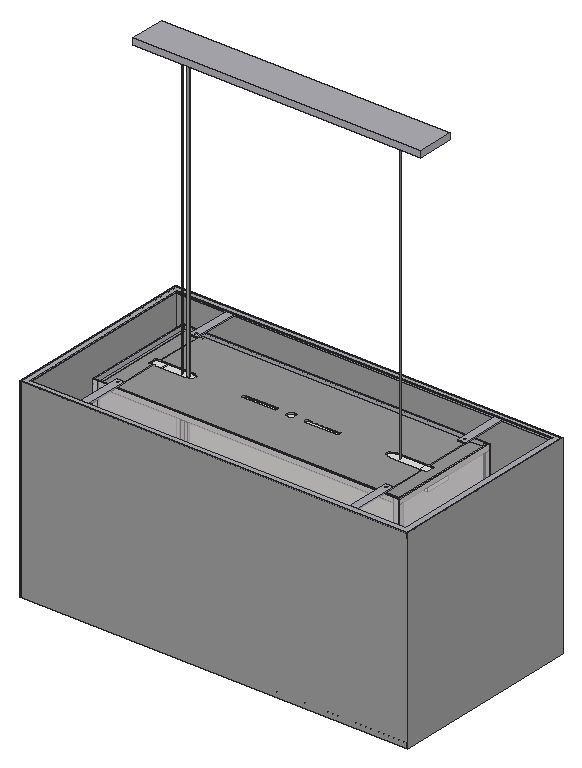
Revit family "Lighting - Lumetta - Pendant - P2097", category Lighting Fixtures, host Ceiling, Revit 2015
Parameters
  Wattage = 51.1977 W
  built-in parameter 1150110 = 1 (stored number, unit not read)
  URL = "https://lumetta.com/luminaires/shadow-box-48-pendant/"
  built-in parameter 1114217 = 3 (stored number, unit not read)
  Top Lens-Material [instance] = Acrylic - 2447 - White
  Top Lens [instance] = yes
  built-in parameter 1150109 = 1 (stored number, unit not read)
  built-in parameter 1150134 = (empty or 0)
  Suspension [instance] = 1
  built-in parameter 1150113 = 1 (stored number, unit not read)
  P2097 URL [instance] = "https://lumetta.com/luminaires/shadow-box-48-pendant/"
  Model = "P2097"  # constant formula
  Manufacturer = "Lumetta, Inc."  # constant formula
  Lumens = 7605 lm
  built-in parameter 1150115 = 1 (stored number, unit not read)
  built-in parameter 1150105 = 605.19 (stored number, unit not read)
  Light Source Symbol Size = 0' - 2"
  built-in parameter 1150137 = (empty or 0)
  built-in parameter 1150139 = (empty or 0)
  built-in parameter 1150112 = 1 (stored number, unit not read)
  built-in parameter 1150114 = 1 (stored number, unit not read)
  built-in parameter 1150132 = 2
  built-in parameter 1150102 = (empty or 0)
  built-in parameter 1150138 = (empty or 0)
  built-in parameter 1150107 = 3000 (stored number, unit not read)
  built-in parameter 1150106 = 6.0519 (stored number, unit not read)
  Frame Finish [instance] = Paint - Lumetta - F02 - PC_Chrome
  Fixture Drop [instance] = 3' - 0"
  Emit from Line Length = 2' - 10"
  built-in parameter 1150104 = 13.8 (stored number, unit not read)
  Dimming Lamp Color Temperature Shift = (empty or 0)
  Diffuser Material-Outer [instance] = Shade - Lumetta - D929 - Trans_Onyx
  Diffuser Material-Inner [instance] = Shade - Lumetta - D61 - MT_White
  Description = "Shadow Box Streamline 48'' Pendant"  # constant formula
  Coupling-Stems over 60 inches [instance] = and([2 Stems], Fixture Drop > 5' 0")  # no
  Cord Color [instance] = Cord, Black
  Cone Nut-STD-2-3Wire [instance] = Suspension = 1  # yes
  Color Filter = 16777215
  Bushing-LED-4Wire [instance] = Suspension = 2  # no
  Bottom Lens-Material [instance] = Acrylic - P95 - Etched White
  Bottom Lens [instance] = yes
  built-in parameter 1114218 = 1 (stored number, unit not read)
  built-in parameter 1150133 = 10 (stored number, unit not read)
  2 Stems [instance] = Suspension = 3  # no
  1CRD-2CBL-LED-4Wire [instance] = or(Suspension = 1, Suspension = 2)  # yes
  1 CRD-2CBL-STD [instance] = or(Suspension = 1, Suspension = 2)  # yes
Reference planes (in)
  plane 1 "Light Source Axis (F/B)": y = 0
  plane 2 "Ceiling": z = 99.76773
  plane 3 "Light Source Axis (L/R)": x = 0
  plane 4 "Light Source Elevation": z = 61.01773
  plane 5 "Inner Frame Top": z = 63.51773
  plane 6 "Inner Frame BTM": z = 47.51773
  plane 7 "Lamping Start": z = 63.01773
  plane 8 "Left Stem": x = -14.25
  plane 9 "Right Stem": x = 14.25
  plane 10 "Cord": x = -12.75
  plane 11 "Right XBar": x = 16.6875
  plane 12 "Left XBar": x = -16.6875
  plane 13 "Left Cable": x = -13.5
  plane 14 "Right Cable": x = 13.5
  plane 15 "Inner Frame Length-Left": x = -19
  plane 16 "Inner Frame Length-Right": x = 19
  plane 17 "Inner Frame Width-Left": y = 7
  plane 18 "Inner Frame Width-Right": y = -7
  plane 19 "Outer Frame Length-Left": x = -24
  plane 20 "Outer Frame Length-Right": x = 24
  plane 21 "Outer Frame Width-Left": y = 12
  plane 22 "Outer Frame Width-Right": y = -12
  plane 23 "Outer Frame Top": z = 63.76773
  plane 24 "Outer Frame BTM": z = 39.76773
Forms (in)
  Extrusion 1, solid, material "Paint - Lumetta - F02 - PC_Chrome" <- "Frame Finish"
    sketch origin (0, 0, 99.76773) x (1, 0, 0) y (0, 1, 0)
      loop
        line (-17.875, -2.25) -> (17.875, -2.25) -> (17.875, 2.25) -> (-17.875, 2.25) -> (-17.875, -2.25)
    from 0 to -0.75
  Extrusion 2, solid, material "Paint - Lumetta - F02 - PC_Chrome" <- "Frame Finish"
    sketch origin (0, 0, 63.51773) x (0, -1, 0) y (1, 0, 0)
      loop
        line (-7, -19) -> (7, -19) -> (7, 19) -> (-7, 19) -> (-7, -19)
      loop
        line (-6.5, -18.5) -> (6.5, -18.5) -> (6.5, 18.5) -> (-6.5, 18.5) -> (-6.5, -18.5)
    from 0 to -0.61824
  Extrusion 3, void
    sketch origin (0, 0, 63.51773) x (0, -1, 0) y (1, 0, 0)
      loop
        line (-6.875, -18.875) -> (6.875, -18.875) -> (6.875, 18.875) -> (-6.875, 18.875) -> (-6.875, -18.875)
      loop
        line (-6.5, -18.375) -> (6.5, -18.375) -> (6.5, 18.375) -> (-6.5, 18.375) -> (-6.5, -18.375)
    from 0 to -0.5
  Extrusion 4, solid, material "Paint - Lumetta - F02 - PC_Chrome" <- "Frame Finish"
    sketch origin (0, 0, 47.51773) x (-1, 0, 0) y (0, -1, 0)
      loop
        line (19, -7) -> (19, 7) -> (-19, 7) -> (-19, -7) -> (19, -7)
      loop
        line (18.5, -6.5) -> (18.5, 6.5) -> (-18.5, 6.5) -> (-18.5, -6.5) -> (18.5, -6.5)
    from 0.62296 to 0
  Extrusion 5, void
    sketch origin (0, 0, 47.51773) x (-1, 0, 0) y (0, -1, 0)
      loop
        line (18.875, -6.875) -> (18.875, 6.875) -> (-18.875, 6.875) -> (-18.875, -6.875) -> (18.875, -6.875)
      loop
        line (18.375, -6.5) -> (18.375, 6.5) -> (-18.5, 6.5) -> (-18.5, -6.5) -> (18.375, -6.5)
    from -0.59912 to 0.64163
  Extrusion 6, solid, material "Paint - Lumetta - F02 - PC_Chrome" <- "Frame Finish"
    sketch origin (0, 0, 36.01773) x (0, -1, 0) y (1, 0, 0)
      loop
        line (-7, 19) -> (-7, 18.375) -> (-6.875, 18.375) -> (-6.875, 18.875) -> (-6.375, 18.875) -> (-6.375, 19) -> (-7, 19)
      loop
        line (-7, -19) -> (-6.375, -19) -> (-6.375, -18.875) -> (-6.875, -18.875) -> (-6.875, -18.375) -> (-7, -18.375) -> (-7, -19)
      loop
        line (7, -19) -> (7, -18.375) -> (6.875, -18.375) -> (6.875, -18.875) -> (6.375, -18.875) -> (6.375, -19) -> (7, -19)
      loop
        line (7, 19) -> (6.375, 19) -> (6.375, 18.875) -> (6.875, 18.875) -> (6.875, 18.375) -> (7, 18.375) -> (7, 19)
    from 11.5 to 27.5
  Extrusion 7, solid, material "Paint - Lumetta - F02 - PC_Chrome" <- "Frame Finish"
    sketch origin (0, 0, 63.51773) x (0, -1, 0) y (1, 0, 0)
      loop
        line (-4.9375, -17.1875) -> (-4.9375, -16.1875) -> (-6.875, -16.1875) -> (-6.875, -17.1875) -> (-4.9375, -17.1875)
      loop
        circle (-5.125, -16.6875) r 0.10889
      loop
        line (4.9375, -17.1875) -> (6.875, -17.1875) -> (6.875, -16.1875) -> (4.9375, -16.1875) -> (4.9375, -17.1875)
      loop
        circle (5.125, -16.6875) r 0.10889
      loop
        line (-4.9375, 17.1875) -> (-6.875, 17.1875) -> (-6.875, 16.1875) -> (-4.9375, 16.1875) -> (-4.9375, 17.1875)
      loop
        circle (-5.125, 16.6875) r 0.10889
      loop
        line (4.9375, 17.1875) -> (4.9375, 16.1875) -> (6.875, 16.1875) -> (6.875, 17.1875) -> (4.9375, 17.1875)
      loop
        circle (5.125, 16.6875) r 0.10889
      loop
        circle (-6.125, -16.6875) r 0.10938
      loop
        circle (6.125, -16.6875) r 0.10938
      loop
        circle (-6.125, 16.6875) r 0.10938
      loop
        circle (6.125, 16.6875) r 0.10938
    from -0.61824 to -0.74408
  Extrusion 8, solid, material "Paint - Lumetta - F02 - PC_Chrome" <- "Frame Finish"
    sketch origin (0, 0, 99.76773) x (1, 0, 0) y (0, 1, 0)
      loop
        circle (-10, 0) r 0.31122
      loop
        circle (10, 0) r 0.31356
    from -0.8125 to -1.1875
  Extrusion 9, solid, material "Paint - Lumetta - F02 - PC_Chrome" <- "Frame Finish", visible <- "2 Stems"
    sketch origin (18, 0.5, 99.76773) x (1, 0, 0) y (0, 1, 0)
      loop
        line (-36, -2.875) -> (0, -2.875) -> (0, 1.875) -> (-36, 1.875) -> (-36, -2.875)
    from -0.8125 to -0.75
  Revolve 10, solid, material "Paint - Lumetta - F02 - PC_Chrome" <- "Frame Finish", visible <- "Cone Nut-STD-2-3Wire"
    sketch origin (0, 0, 0) x (1, 0, 0) y (0, 0, 1)
      loop
        line (-12.75, 98.95523) -> (-12.75, 98.45523) -> (-12.46878, 98.45523) -> (-12.37659, 98.95523) -> (-12.75, 98.95523)
      axis (-12.75, 98.45523) -> (-12.75, 98.95523)
    angle from 0 to 360
  Extrusion 11, solid, material "Paint - Lumetta - F11 - PC_White"
    sketch origin (0, 0, 24.01773) x (0, -1, 0) y (1, 0, 0)
      loop
        line (-5.375, -17.3125) -> (5.375, -17.3125) -> (5.375, -16.0625) -> (-5.375, -16.0625) -> (-5.375, -17.3125)
      loop
        circle (-5.125, -16.6875) r 0.10889
      loop
        line (-5.375, 17.3125) -> (-5.375, 16.0625) -> (5.375, 16.0625) -> (5.375, 17.3125) -> (-5.375, 17.3125)
      loop
        circle (-5.125, 16.6875) r 0.10889
      loop
        circle (5.125, 16.6875) r 0.10889
      loop
        circle (5.125, -16.6875) r 0.10889
    from 38.75592 to 38.63725
  Extrusion 12, solid, material "Paint - Lumetta - F11 - PC_White"
    sketch origin (0, 0, 63.01773) x (-1, 0, 0) y (0, -1, 0)
      loop
        line (18.1875, -1.54) -> (18.1875, 1.54) -> (-18.1875, 1.54) -> (-18.1875, -1.54) -> (18.1875, -1.54)
    from -0.36275 to -1.375
  Extrusion 13, solid, material "Cord, Black" <- "Cord Color", visible <- "1 CRD-2CBL-STD"
    sketch origin (0, 0, 99.76773) x (1, 0, 0) y (0, 1, 0)
      loop
        circle (-12.75, 0) r 0.1566
    from -0.75 to -36.75
  Extrusion 14, solid, material "Steel, Galvanized", visible <- "1 CRD-2CBL-STD"
    sketch origin (0, 0, 96.01773) x (1, 0, 0) y (0, 1, 0)
      loop
        circle (-13.5, 0) r 0.03252
      loop
        circle (13.5, 0) r 0.03265
    from 3 to -33
  Extrusion 15, solid, material "Paint - Lumetta - F02 - PC_Chrome" <- "Frame Finish", visible <- "2 Stems"
    sketch origin (0, 0, 99.76773) x (1, 0, 0) y (0, 1, 0)
      loop
        circle (-14.25, 0) r 0.25
      loop
        circle (14.25, 0) r 0.25
    from 0 to -36.75
  Revolve 16, solid, material "Paint - Lumetta - F02 - PC_Chrome" <- "Frame Finish", visible <- "Coupling-Stems over 60 inches"
    sketch origin (0, 0, 0) x (1, 0, 0) y (0, 0, 1)
      loop
        line (-14.25, 123.51773) -> (-13.95764, 123.51773)
        arc (-13.95764, 123.51773) -> (-13.90786, 123.5585) -> (-13.93801, 123.61534) r 0.05078
        arc (-13.93801, 123.61534) -> (-13.90686, 123.78335) -> (-13.93801, 123.95137) r 0.46875
        arc (-13.93801, 123.95137) -> (-13.90786, 124.00821) -> (-13.95764, 124.04898) r 0.05078
        line (-13.95764, 124.04898) -> (-14.25, 124.04898) -> (-14.25, 123.51773)
      axis (-14.25, 124.04898) -> (-14.25, 123.51773)
    angle from 0 to 360
  Revolve 17, solid, material "Paint - Lumetta - F02 - PC_Chrome" <- "Frame Finish", visible <- "Coupling-Stems over 60 inches"
    sketch origin (0, 0, 0) x (-1, 0, 0) y (0, 0, 1)
      loop
        line (-14.25, 123.51773) -> (-13.9562, 123.51773)
        arc (-13.9562, 123.51773) -> (-13.90642, 123.5585) -> (-13.93657, 123.61534) r 0.05078
        arc (-13.93657, 123.61534) -> (-13.90542, 123.78335) -> (-13.93657, 123.95137) r 0.46875
        arc (-13.93657, 123.95137) -> (-13.90642, 124.00821) -> (-13.9562, 124.04898) r 0.05078
        line (-13.9562, 124.04898) -> (-14.25, 124.04898) -> (-14.25, 123.51773)
      axis (-14.25, 124.04898) -> (-14.25, 123.51773)
    angle from 0 to 360
  Extrusion 18, solid, material "Paint - Lumetta - F02 - PC_Chrome" <- "Frame Finish", visible <- "Bushing-LED-4Wire"
    sketch origin (0, 0, 99.76773) x (1, 0, 0) y (0, 1, 0)
      loop
        circle (-12.75, 0) r 0.37341
      loop
        circle (-12.75, 0) r 0.25
    from -0.91406 to -0.8125
  Extrusion 19, solid, material "Shade - Lumetta - D61 - MT_White" <- "Diffuser Material-Inner"
    sketch origin (0, 0, 63.51773) x (0, -1, 0) y (1, 0, 0)
      loop
        line (-7, -19) -> (7, -19) -> (7, 19) -> (-7, 19) -> (-7, -19)
      loop
        line (7.0625, -19.0625) -> (7.0625, 19.0625) -> (-7.0625, 19.0625) -> (-7.0625, -19.0625) -> (7.0625, -19.0625)
    from -16 to 0
  Extrusion 20, solid, material "Acrylic - P95 - Etched White" <- "Bottom Lens-Material", visible <- "Bottom Lens"
    sketch origin (0, 0, 47.51773) x (-1, 0, 0) y (0, -1, 0)
      loop
        line (18.75, -6.75) -> (18.75, 6.75) -> (-18.75, 6.75) -> (-18.75, -6.75) -> (18.75, -6.75)
    from 0.11313 to 0.22451
  Extrusion 21, solid, material "Paint - Lumetta - F02 - PC_Chrome" <- "Frame Finish"
    sketch origin (0, 0, 63.76773) x (0, -1, 0) y (1, 0, 0)
      loop
        line (-12, -24) -> (12, -24) -> (12, 24) -> (-12, 24) -> (-12, -24)
      loop
        line (11.375, -23.375) -> (11.375, 23.375) -> (-11.375, 23.375) -> (-11.375, -23.375) -> (11.375, -23.375)
    from -0.63301 to 0
  Extrusion 22, solid, material "Paint - Lumetta - F02 - PC_Chrome" <- "Frame Finish"
    sketch origin (0, 0, 39.76773) x (0, -1, 0) y (1, 0, 0)
      loop
        line (-12, -24) -> (12, -24) -> (12, 24) -> (-12, 24) -> (-12, -24)
      loop
        line (-11.375, -23.375) -> (11.375, -23.375) -> (11.375, 23.375) -> (-11.375, 23.375) -> (-11.375, -23.375)
    from 0 to 0.62744
  Extrusion 23, void
    sketch origin (0, 0, 63.76773) x (0, -1, 0) y (1, 0, 0)
      loop
        line (-11.375, -23.375) -> (11.375, -23.375) -> (11.375, 23.375) -> (-11.375, 23.375) -> (-11.375, -23.375)
      loop
        line (11.875, -23.875) -> (11.875, 23.875) -> (-11.875, 23.875) -> (-11.875, -23.875) -> (11.875, -23.875)
    from -23.88963 to -0.11045
  Extrusion 24, solid, material "Shade - Lumetta - D929 - Trans_Onyx" <- "Diffuser Material-Outer"
    sketch origin (0, 0, 63.76773) x (0, -1, 0) y (1, 0, 0)
      loop
        line (-12, -24) -> (12, -24) -> (12, 24) -> (-12, 24) -> (-12, -24)
      loop
        line (-12.03125, -24.03125) -> (12.03125, -24.03125) -> (12.03125, 24.03125) -> (-12.03125, 24.03125) -> (-12.03125, -24.03125)
    from -24 to 0
  Extrusion 25, solid, material "Paint - Lumetta - F02 - PC_Chrome" <- "Frame Finish"
    sketch origin (0, 0, 63.51773) x (0, -1, 0) y (1, 0, 0)
      loop
        line (-11.875, -17.1875) -> (-5.625, -17.1875) -> (-5.625, -16.1875) -> (-11.875, -16.1875) -> (-11.875, -17.1875)
      loop
        circle (-6.125, -16.6875) r 0.10937
      loop
        line (-11.875, 17.1875) -> (-11.875, 16.1875) -> (-5.625, 16.1875) -> (-5.625, 17.1875) -> (-11.875, 17.1875)
      loop
        circle (-6.125, 16.6875) r 0.10937
      loop
        line (11.875, 17.1875) -> (5.625, 17.1875) -> (5.625, 16.1875) -> (11.875, 16.1875) -> (11.875, 17.1875)
      loop
        circle (6.125, 16.6875) r 0.10937
      loop
        line (11.875, -17.1875) -> (11.875, -16.1875) -> (5.625, -16.1875) -> (5.625, -17.1875) -> (11.875, -17.1875)
      loop
        circle (6.125, -16.6875) r 0.10937
    from -0.01154 to 0.10952
  Extrusion 26, solid, material "Acrylic - 2447 - White" <- "Top Lens-Material", visible <- "Top Lens"
    sketch origin (0, 0, 63.51773) x (0, -1, 0) y (1, 0, 0)
      loop
        line (0.4375, -17.25) -> (-0.4375, -17.25)
        arc (-0.4375, -17.25) -> (-0.52589, -17.21339) -> (-0.5625, -17.125) r 0.125
        line (-0.5625, -17.125) -> (-0.5625, -16.875)
        arc (-0.5625, -16.875) -> (-0.59911, -16.78661) -> (-0.6875, -16.75) r 0.125
        line (-0.6875, -16.75) -> (-6.35472, -16.75)
        arc (-6.35472, -16.75) -> (-6.42153, -16.76936) -> (-6.46765, -16.82143) r 0.125
        arc (-6.46765, -16.82143) -> (-6.55547, -16.93207) -> (-6.68304, -16.99274) r 0.3125
        arc (-6.68304, -16.99274) -> (-6.75365, -17.03649) -> (-6.78125, -17.11484) r 0.125
        line (-6.78125, -17.11484) -> (-6.78125, -18.575)
        arc (-6.78125, -18.575) -> (-6.72267, -18.71642) -> (-6.58125, -18.775) r 0.2
        line (-6.58125, -18.775) -> (6.58125, -18.775)
        arc (6.58125, -18.775) -> (6.72267, -18.71642) -> (6.78125, -18.575) r 0.2
        line (6.78125, -18.575) -> (6.78125, -17.11484)
        arc (6.78125, -17.11484) -> (6.75365, -17.03649) -> (6.68304, -16.99274) r 0.125
        arc (6.68304, -16.99274) -> (6.55547, -16.93207) -> (6.46765, -16.82143) r 0.3125
        arc (6.46765, -16.82143) -> (6.42153, -16.76936) -> (6.35472, -16.75) r 0.125
        line (6.35472, -16.75) -> (0.6875, -16.75)
        arc (0.6875, -16.75) -> (0.59911, -16.78661) -> (0.5625, -16.875) r 0.125
        line (0.5625, -16.875) -> (0.5625, -17.125)
        arc (0.5625, -17.125) -> (0.52589, -17.21339) -> (0.4375, -17.25) r 0.125
      loop
        circle (0, 0) r 0.5
      loop
        line (-0.25, 5.8125) -> (-0.25, 1.9375)
        arc (-0.25, 1.9375) -> (0, 1.6875) -> (0.25, 1.9375) r 0.25
        line (0.25, 1.9375) -> (0.25, 5.8125)
        arc (0.25, 5.8125) -> (0, 6.0625) -> (-0.25, 5.8125) r 0.25
      loop
        arc (-6.46765, 16.82143) -> (-6.42153, 16.76936) -> (-6.35472, 16.75) r 0.125
        line (-6.35472, 16.75) -> (-0.6875, 16.75)
        arc (-0.6875, 16.75) -> (-0.59911, 16.78661) -> (-0.5625, 16.875) r 0.125
        line (-0.5625, 16.875) -> (-0.5625, 17.125)
        arc (-0.5625, 17.125) -> (-0.52589, 17.21339) -> (-0.4375, 17.25) r 0.125
        line (-0.4375, 17.25) -> (0.4375, 17.25)
        arc (0.4375, 17.25) -> (0.52589, 17.21339) -> (0.5625, 17.125) r 0.125
        line (0.5625, 17.125) -> (0.5625, 16.875)
        arc (0.5625, 16.875) -> (0.59911, 16.78661) -> (0.6875, 16.75) r 0.125
        line (0.6875, 16.75) -> (6.35472, 16.75)
        arc (6.35472, 16.75) -> (6.42153, 16.76936) -> (6.46765, 16.82143) r 0.125
        arc (6.46765, 16.82143) -> (6.55547, 16.93207) -> (6.68304, 16.99274) r 0.3125
        arc (6.68304, 16.99274) -> (6.75365, 17.03649) -> (6.78125, 17.11484) r 0.125
        line (6.78125, 17.11484) -> (6.78125, 18.575)
        arc (6.78125, 18.575) -> (6.72267, 18.71642) -> (6.58125, 18.775) r 0.2
        line (6.58125, 18.775) -> (-6.58125, 18.775)
        arc (-6.58125, 18.775) -> (-6.72267, 18.71642) -> (-6.78125, 18.575) r 0.2
        line (-6.78125, 18.575) -> (-6.78125, 17.11484)
        arc (-6.78125, 17.11484) -> (-6.75365, 17.03649) -> (-6.68304, 16.99274) r 0.125
        arc (-6.68304, 16.99274) -> (-6.55547, 16.93207) -> (-6.46765, 16.82143) r 0.3125
      loop
        line (-0.49551, -12.42075) -> (-0.27063, -12.03125)
        arc (-0.27063, -12.03125) -> (0, -11.875) -> (0.27063, -12.03125) r 0.3125
        line (0.27063, -12.03125) -> (0.49551, -12.42075)
        arc (0.49551, -12.42075) -> (0.54546, -12.54134) -> (0.5625, -12.67075) r 0.5
        line (0.5625, -12.67075) -> (0.5625, -16.5)
        arc (0.5625, -16.5) -> (0.59911, -16.58839) -> (0.6875, -16.625) r 0.125
        line (0.6875, -16.625) -> (6.35472, -16.625)
        arc (6.35472, -16.625) -> (6.42153, -16.60564) -> (6.46765, -16.55357) r 0.125
        arc (6.46765, -16.55357) -> (6.55547, -16.44293) -> (6.68304, -16.38226) r 0.3125
        arc (6.68304, -16.38226) -> (6.75365, -16.33851) -> (6.78125, -16.26016) r 0.125
        line (6.78125, -16.26016) -> (6.78125, 16.26016)
        arc (6.78125, 16.26016) -> (6.75365, 16.33851) -> (6.68304, 16.38226) r 0.125
        arc (6.68304, 16.38226) -> (6.55547, 16.44293) -> (6.46765, 16.55357) r 0.3125
        arc (6.46765, 16.55357) -> (6.42153, 16.60564) -> (6.35472, 16.625) r 0.125
        line (6.35472, 16.625) -> (0.6875, 16.625)
        arc (0.6875, 16.625) -> (0.59911, 16.58839) -> (0.5625, 16.5) r 0.125
        line (0.5625, 16.5) -> (0.5625, 12.67075)
        arc (0.5625, 12.67075) -> (0.54546, 12.54134) -> (0.49551, 12.42075) r 0.5
        line (0.49551, 12.42075) -> (0.27063, 12.03125)
        arc (0.27063, 12.03125) -> (0, 11.875) -> (-0.27063, 12.03125) r 0.3125
        line (-0.27063, 12.03125) -> (-0.49551, 12.42075)
        arc (-0.49551, 12.42075) -> (-0.54546, 12.54134) -> (-0.5625, 12.67075) r 0.5
        line (-0.5625, 12.67075) -> (-0.5625, 16.5)
        arc (-0.5625, 16.5) -> (-0.59911, 16.58839) -> (-0.6875, 16.625) r 0.125
        line (-0.6875, 16.625) -> (-6.35472, 16.625)
        arc (-6.35472, 16.625) -> (-6.42153, 16.60564) -> (-6.46765, 16.55357) r 0.125
        arc (-6.46765, 16.55357) -> (-6.55547, 16.44293) -> (-6.68304, 16.38226) r 0.3125
        arc (-6.68304, 16.38226) -> (-6.75365, 16.33851) -> (-6.78125, 16.26016) r 0.125
        line (-6.78125, 16.26016) -> (-6.78125, -16.26016)
        arc (-6.78125, -16.26016) -> (-6.75365, -16.33851) -> (-6.68304, -16.38226) r 0.125
        arc (-6.68304, -16.38226) -> (-6.55547, -16.44293) -> (-6.46765, -16.55357) r 0.3125
        arc (-6.46765, -16.55357) -> (-6.42153, -16.60564) -> (-6.35472, -16.625) r 0.125
        line (-6.35472, -16.625) -> (-0.6875, -16.625)
        arc (-0.6875, -16.625) -> (-0.59911, -16.58839) -> (-0.5625, -16.5) r 0.125
        line (-0.5625, -16.5) -> (-0.5625, -12.67075)
        arc (-0.5625, -12.67075) -> (-0.54546, -12.54134) -> (-0.49551, -12.42075) r 0.5
      loop
        arc (-0.25, -5.8125) -> (0, -6.0625) -> (0.25, -5.8125) r 0.25
        line (0.25, -5.8125) -> (0.25, -1.9375)
        arc (0.25, -1.9375) -> (0, -1.6875) -> (-0.25, -1.9375) r 0.25
        line (-0.25, -1.9375) -> (-0.25, -5.8125)
    from -0.5 to -0.42419
  Revolve 27, solid, material "Paint - Lumetta - F02 - PC_Chrome" <- "Frame Finish", visible <- "2 Stems"
    sketch origin (0, 0, 0) x (1, 0, 0) y (0, 0, 1)
      loop
        line (-14.25, 99.43423) -> (-14.25, 98.74673) -> (-13.88452, 98.74673)
        arc (-13.88452, 98.74673) -> (-13.65804, 99.05321) -> (-13.65163, 99.43423) r 0.625
        line (-13.65163, 99.43423) -> (-14.25, 99.43423)
      axis (-14.25, 98.74673) -> (-14.25, 99.43423)
    angle from 0 to 360
  Revolve 28, solid, material "Paint - Lumetta - F02 - PC_Chrome" <- "Frame Finish", visible <- "2 Stems"
    sketch origin (0, 0, 0) x (-1, 0, 0) y (0, 0, 1)
      loop
        line (-14.25, 99.43423) -> (-14.25, 98.74673) -> (-13.88452, 98.74673)
        arc (-13.88452, 98.74673) -> (-13.65804, 99.05321) -> (-13.65163, 99.43423) r 0.625
        line (-13.65163, 99.43423) -> (-14.25, 99.43423)
      axis (-14.25, 98.74673) -> (-14.25, 99.43423)
    angle from 0 to 360
Cuts and joins
  Extrusion 3, Extrusion 5 cuts Extrusion 2
  Extrusion 5 cuts Extrusion 4
  Extrusion 23 cuts Extrusion 21
  Extrusion 23 cuts Extrusion 22
Dimensions and locks (in)
  equal spacing: host sketch curve, plane 3 "Light Source Axis (L/R)", host sketch curve
  equal spacing: host sketch curve, plane 1 "Light Source Axis (F/B)", host sketch curve
  host sketch curve to host sketch curve = 10' - 0"  (x2)
  locked: Extrusion 9 to Revolve 10 sketch curve at 0.5
  plane 1 "Light Source Axis (F/B)" to Extrusion 11 sketch curve = 0' - 5 3/8"
  Extrusion 11 sketch curve to Extrusion 11 sketch curve = 0' - 10 3/4"  (x2)
  locked: imposter light to Extrusion 12 sketch curve at 1.54
  locked: plane 1 "Light Source Axis (F/B)" to Extrusion 12 sketch curve at 1.54
  Revolve 16 sketch curve to level = 10' - 3.51773"
  locked: Revolve 16 sketch curve to Revolve 16 sketch curve at 0.53125
  locked: Revolve 16 sketch curve to Revolve 16 sketch curve at 0.26563
  locked: Revolve 16 sketch curve to Revolve 16 sketch curve at 0.05078  (x2)
  locked: Revolve 17 sketch curve to Revolve 17 sketch curve at 0.53125
  locked: Revolve 17 sketch curve to Revolve 17 sketch curve at 0.26563
  locked: Revolve 17 sketch curve to Revolve 17 sketch curve at 0.05078  (x2)
  locked: Extrusion 18 sketch curve to plane 3 "Light Source Axis (L/R)" at 12.75  (x2)
  locked: Revolve 17 sketch curve to plane 5 "Inner Frame Top" at 60
  locked: Revolve 16 sketch curve to plane 5 "Inner Frame Top" at 60
  locked: cut or joined group of Extrusion 2, Extrusion 3, Extrusion 5 to Extrusion 19 sketch curve at 0.0625
  equal spacing: Extrusion 14 sketch curve, plane 3 "Light Source Axis (L/R)", Extrusion 14 sketch curve
  plane 3 "Light Source Axis (L/R)" to Revolve 10 sketch curve = 1' - 0 3/4"
  equal spacing: Extrusion 8 sketch curve, plane 3 "Light Source Axis (L/R)", Extrusion 8 sketch curve
  Extrusion 8 sketch curve to Extrusion 8 sketch curve = 1' - 8"
  locked: Extrusion 13 sketch curve to plane 3 "Light Source Axis (L/R)" at 12.75
  plane 3 "Light Source Axis (L/R)" to Extrusion 15 sketch curve = 1' - 2 1/4"
  plane 3 "Light Source Axis (L/R)" to Revolve 17 sketch curve = 1' - 2 1/4"
  locked: Revolve 16 sketch curve to plane 8 "Left Stem" at 0  (x2)
  locked: Revolve 16 sketch curve to plane 8 "Left Stem" at 0.29236  (x2)
  locked: plane 8 "Left Stem" to Revolve 16 sketch curve at 0.12561
  locked: Revolve 17 sketch curve to plane 9 "Right Stem" at 0  (x2)
  locked: plane 9 "Right Stem" to Revolve 17 sketch curve at 0.2938  (x2)
  locked: Revolve 17 sketch curve to plane 9 "Right Stem" at 0.12417
  locked: plane 10 "Cord" to Revolve 10 sketch curve at 0
  Revolve 10 sketch curve to plane 10 "Cord" = 0' - 0"
  locked: Revolve 10 sketch curve to plane 10 "Cord" at 0.37341
  locked: Revolve 10 sketch curve to plane 10 "Cord" at 0.28122
  locked: plane 3 "Light Source Axis (L/R)" to plane 10 "Cord" at 12.75
  equal spacing: plane 12 "Left XBar", plane 3 "Light Source Axis (L/R)", plane 11 "Right XBar"
  locked: plane 12 "Left XBar" to plane 11 "Right XBar" at 33.375
  equal spacing: plane 13 "Left Cable", plane 3 "Light Source Axis (L/R)", plane 14 "Right Cable"
  locked: plane 13 "Left Cable" to plane 14 "Right Cable" at 27
  locked: Extrusion 14 sketch curve to plane 13 "Left Cable" at 0
  equal spacing: plane 8 "Left Stem", plane 3 "Light Source Axis (L/R)", plane 9 "Right Stem"
  locked: plane 8 "Left Stem" to plane 9 "Right Stem" at 28.5
  equal spacing: plane 15 "Inner Frame Length-Left", plane 3 "Light Source Axis (L/R)", plane 16 "Inner Frame Length-Right"
  locked: plane 15 "Inner Frame Length-Left" to plane 16 "Inner Frame Length-Right" at 38
  equal spacing: plane 17 "Inner Frame Width-Left", plane 1 "Light Source Axis (F/B)", plane 18 "Inner Frame Width-Right"
  locked: plane 17 "Inner Frame Width-Left" to plane 18 "Inner Frame Width-Right" at 14
  equal spacing: plane 19 "Outer Frame Length-Left", plane 3 "Light Source Axis (L/R)", plane 20 "Outer Frame Length-Right"
  equal spacing: plane 22 "Outer Frame Width-Right", plane 1 "Light Source Axis (F/B)", plane 21 "Outer Frame Width-Left"
  locked: plane 19 "Outer Frame Length-Left" to plane 20 "Outer Frame Length-Right" at 48
  locked: plane 21 "Outer Frame Width-Left" to plane 22 "Outer Frame Width-Right" at 24
  locked: Extrusion 6 sketch curve to plane 15 "Inner Frame Length-Left" at 0  (x2)
  locked: Extrusion 6 sketch curve to plane 17 "Inner Frame Width-Left" at 0  (x2)
  locked: Extrusion 6 sketch curve to plane 18 "Inner Frame Width-Right" at 0  (x2)
  locked: Extrusion 6 sketch curve to plane 16 "Inner Frame Length-Right" at 0  (x2)
  locked: Extrusion 6 sketch curve to plane 16 "Inner Frame Length-Right" at 0.625  (x2)
  locked: Extrusion 6 sketch curve to plane 17 "Inner Frame Width-Left" at 0.625
  locked: Extrusion 6 sketch curve to plane 18 "Inner Frame Width-Right" at 0.625
  locked: plane 15 "Inner Frame Length-Left" to Extrusion 6 sketch curve at 0.625  (x2)
  locked: plane 17 "Inner Frame Width-Left" to Extrusion 6 sketch curve at 0.625
  locked: plane 18 "Inner Frame Width-Right" to Extrusion 6 sketch curve at 0.625
  Extrusion 19 to plane 16 "Inner Frame Length-Right" = 0' - 0"
  locked: plane 16 "Inner Frame Length-Right" to Extrusion 2 sketch curve
  locked: Extrusion 2 sketch curve to plane 17 "Inner Frame Width-Left" at 0
  locked: Extrusion 2 sketch curve to plane 18 "Inner Frame Width-Right" at 0
  locked: plane 15 "Inner Frame Length-Left" to Extrusion 5 sketch curve at 0.125
  locked: Extrusion 5 sketch curve to Extrusion 5 sketch curve at 0.5
  locked: Extrusion 5 sketch curve to plane 16 "Inner Frame Length-Right" at 0.125
  locked: Extrusion 5 sketch curve to plane 16 "Inner Frame Length-Right" at 0.5
  locked: plane 15 "Inner Frame Length-Left" to Extrusion 2 sketch curve
  locked: Extrusion 2 sketch curve to Extrusion 2 sketch curve at 0.5
  locked: plane 15 "Inner Frame Length-Left" to Extrusion 3 sketch curve at 0.125
  locked: Extrusion 3 sketch curve to Extrusion 3 sketch curve at 0.5  (x2)
  locked: Extrusion 3 sketch curve to plane 16 "Inner Frame Length-Right" at 0.125
  locked: plane 15 "Inner Frame Length-Left" to Extrusion 4 sketch curve
  locked: Extrusion 4 sketch curve to Extrusion 4 sketch curve at 0.5  (x2)
  locked: Extrusion 4 sketch curve to plane 16 "Inner Frame Length-Right"
  locked: Extrusion 20 sketch curve to plane 16 "Inner Frame Length-Right" at 0.25
  locked: Extrusion 20 sketch curve to plane 17 "Inner Frame Width-Left" at 0.25
  locked: Extrusion 20 sketch curve to plane 18 "Inner Frame Width-Right" at 0.25
  locked: plane 15 "Inner Frame Length-Left" to Extrusion 20 sketch curve at 0.25
  locked: Extrusion 19 sketch curve to cut or joined group of Extrusion 2, Extrusion 3, Extrusion 5 at 0.0625  (x3)
  equal spacing: Extrusion 9 sketch curve, plane 1 "Light Source Axis (F/B)", Extrusion 9 sketch curve
  equal spacing: Extrusion 9 sketch curve, plane 3 "Light Source Axis (L/R)", Extrusion 9 sketch curve
  locked: Extrusion 9 sketch curve to Extrusion 9 sketch curve at 36
  locked: Extrusion 9 sketch curve to Extrusion 9 sketch curve at 4.75
  locked: Extrusion 9 to Extrusion 1 sketch curve at 0.125  (x3)
  locked: Extrusion 1 sketch curve to Extrusion 9 at 0.125
  locked: Extrusion 7 sketch curve to Extrusion 7 sketch curve at 0.1875  (x4)
  locked: Extrusion 7 sketch curve to plane 12 "Left XBar" at 0  (x2)
  equal spacing: Extrusion 7 sketch curve, plane 12 "Left XBar", Extrusion 7 sketch curve
  locked: Extrusion 7 sketch curve to plane 12 "Left XBar" at 0.5  (x2)
  locked: Extrusion 7 sketch curve to plane 17 "Inner Frame Width-Left" at 0.125
  locked: Extrusion 11 sketch curve to plane 12 "Left XBar" at 0  (x2)
  locked: Extrusion 15 sketch curve to plane 8 "Left Stem"
  locked: plane 9 "Right Stem" to Extrusion 15 sketch curve
  locked: Extrusion 11 sketch curve to Extrusion 11 sketch curve at 1.25  (x2)
  equal spacing: Extrusion 11 sketch curve, plane 12 "Left XBar", Extrusion 11 sketch curve
  locked: Extrusion 12 sketch curve to plane 12 "Left XBar" at 1.5
  locked: plane 11 "Right XBar" to Extrusion 12 sketch curve at 1.5
  locked: plane 15 "Inner Frame Length-Left" to Extrusion 20 at 0.25
  locked: Extrusion 20 to plane 16 "Inner Frame Length-Right" at 0.25
  locked: Extrusion 21 sketch curve to plane 19 "Outer Frame Length-Left" at 0
  locked: Extrusion 21 sketch curve to plane 21 "Outer Frame Width-Left" at 0
  locked: Extrusion 21 sketch curve to plane 22 "Outer Frame Width-Right" at 0
  locked: Extrusion 21 sketch curve to plane 20 "Outer Frame Length-Right" at 0
  locked: Extrusion 21 sketch curve to Extrusion 21 sketch curve at 0.625  (x4)
  locked: Extrusion 21 to plane 20 "Outer Frame Length-Right" at 0
  locked: Extrusion 21 to Extrusion 21 at 0.625  (x4)
  locked: Extrusion 21 to plane 19 "Outer Frame Length-Left" at 0
  locked: Extrusion 21 to plane 21 "Outer Frame Width-Left" at 0
  locked: Extrusion 21 to plane 22 "Outer Frame Width-Right" at 0
  locked: Extrusion 23 sketch curve to plane 20 "Outer Frame Length-Right" at 0.125
  locked: plane 19 "Outer Frame Length-Left" to Extrusion 23 sketch curve at 0.125
  locked: Extrusion 23 sketch curve to plane 21 "Outer Frame Width-Left" at 0.125
  locked: Extrusion 23 sketch curve to plane 22 "Outer Frame Width-Right" at 0.125
  locked: cut or joined group of Extrusion 21, Extrusion 23 to plane 20 "Outer Frame Length-Right" at 0
  locked: cut or joined group of Extrusion 21, Extrusion 23 to Extrusion 24 sketch curve at 0.03125
  locked: cut or joined group of Extrusion 21, Extrusion 23 to plane 21 "Outer Frame Width-Left" at 0  (x2)
  locked: Extrusion 24 sketch curve to cut or joined group of Extrusion 21, Extrusion 23 at 0.03125  (x3)
  locked: cut or joined group of Extrusion 21, Extrusion 23 to plane 19 "Outer Frame Length-Left" at 0
  cut or joined group of Extrusion 21, Extrusion 23 to Extrusion 24 sketch curve = 0' - 0 1/32"
  locked: cut or joined group of Extrusion 21, Extrusion 23 to plane 22 "Outer Frame Width-Right" at 0
  locked: Extrusion 25 sketch curve to plane 12 "Left XBar" at 0.5  (x2)
  locked: plane 12 "Left XBar" to Extrusion 25 sketch curve at 0.5
  locked: Extrusion 25 sketch curve to plane 21 "Outer Frame Width-Left" at 0.125
  locked: Extrusion 25 sketch curve to Extrusion 25 sketch curve at 6.25  (x4)
  locked: Extrusion 7 sketch curve to Extrusion 7 sketch curve at 1.9375  (x4)
  locked: Extrusion 7 sketch curve to Extrusion 7 sketch curve at 1  (x3)
  locked: Extrusion 7 sketch curve to Extrusion 7 sketch curve at 1.1875
  Extrusion 11 sketch curve to Extrusion 11 sketch curve = 0' - 0 1/4"  (x2)
  Extrusion 11 sketch curve to Extrusion 11 sketch curve = 0' - 1 1/4"
  locked: Extrusion 11 sketch curve to Extrusion 11 sketch curve at 0.25  (x4)
  locked: Extrusion 25 sketch curve to Extrusion 25 sketch curve at 0.5  (x4)
  locked: Extrusion 25 sketch curve to plane 12 "Left XBar" at 0  (x2)
  "Fixture Drop": plane 2 "Ceiling" to plane 23 "Outer Frame Top"
  locked: plane 23 "Outer Frame Top" to plane 5 "Inner Frame Top" at 0.25
  locked: Extrusion 24 to plane 23 "Outer Frame Top" at 0  (x2)
  plane 23 "Outer Frame Top" to cut or joined group of Extrusion 21, Extrusion 23 = 0' - 0"  (x2)
  plane 23 "Outer Frame Top" to cut or joined group of Extrusion 21, Extrusion 23 = 0' - 0.11045"  (x2)
  locked: plane 5 "Inner Frame Top" to plane 7 "Lamping Start" at 0.5
  locked: plane 23 "Outer Frame Top" to Extrusion 25 at 0.26154
  locked: plane 23 "Outer Frame Top" to cut or joined group of Extrusion 2, Extrusion 3, Extrusion 5 at 0.25
  locked: plane 23 "Outer Frame Top" to cut or joined group of Extrusion 21, Extrusion 23 at 0.63301
  locked: plane 5 "Inner Frame Top" to cut or joined group of Extrusion 2, Extrusion 3, Extrusion 5 at 0.61824
  locked: plane 5 "Inner Frame Top" to cut or joined group of Extrusion 2, Extrusion 3, Extrusion 5 at 0.5
  locked: cut or joined group of Extrusion 2, Extrusion 3, Extrusion 5 to plane 5 "Inner Frame Top" at 0
  locked: Extrusion 19 to plane 5 "Inner Frame Top"
  locked: cut or joined group of Extrusion 2, Extrusion 3, Extrusion 5 to Extrusion 7 at 0.12584
  locked: plane 7 "Lamping Start" to Extrusion 7 at 0.11824
  locked: plane 7 "Lamping Start" to Extrusion 11 at 0.36275
  locked: Extrusion 11 to Extrusion 7 at 0
  locked: plane 7 "Lamping Start" to Extrusion 12 at 0.36275
  locked: Extrusion 12 to Extrusion 12 at 1.01225
  plane 7 "Lamping Start" to plane 4 "Light Source Elevation" = 0' - 2"
  locked: cut or joined group of Extrusion 22, Extrusion 23 to plane 24 "Outer Frame BTM" at 0.11037
  locked: cut or joined group of Extrusion 22, Extrusion 23 to plane 24 "Outer Frame BTM" at 0.62744
  plane 23 "Outer Frame Top" to plane 24 "Outer Frame BTM" = 2' - 0"
  plane 5 "Inner Frame Top" to plane 6 "Inner Frame BTM" = 1' - 4"
  locked: plane 23 "Outer Frame Top" to cut or joined group of Extrusion 21, Extrusion 23 at 0.11045
  locked: plane 11 "Right XBar" to Extrusion 11 sketch curve  (x2)
  locked: plane 11 "Right XBar" to Extrusion 11 sketch curve at 0.625
  locked: Extrusion 7 sketch curve to plane 12 "Left XBar"  (x2)
  locked: plane 11 "Right XBar" to Extrusion 7 sketch curve at 0
  locked: plane 11 "Right XBar" to Extrusion 7 sketch curve  (x3)
  locked: Extrusion 7 sketch curve to plane 11 "Right XBar" at 0.5  (x2)
  locked: Extrusion 25 sketch curve to Extrusion 25 sketch curve at 1  (x3)
  locked: Extrusion 25 sketch curve to plane 11 "Right XBar" at 0  (x2)
  locked: plane 11 "Right XBar" to Extrusion 25 sketch curve at 0.5  (x2)
  locked: Extrusion 26 to Extrusion 26 at 0.07581
  locked: plane 5 "Inner Frame Top" to Extrusion 26 at 0.5
  locked: Revolve 27 sketch curve to plane 8 "Left Stem" at 0
  locked: Extrusion 9 to Revolve 27 sketch curve at 0.2085
  locked: Revolve 27 sketch curve to Revolve 27 sketch curve at 0.507
  locked: Revolve 27 sketch curve to Revolve 27 sketch curve at 0.6875
  locked: Revolve 28 sketch curve to Revolve 28 sketch curve at 0.507
  locked: Revolve 28 sketch curve to Revolve 28 sketch curve at 0.6875
  locked: plane 17 "Inner Frame Width-Left" to Extrusion 11 sketch curve at 1.625
  locked: Extrusion 11 sketch curve to plane 17 "Inner Frame Width-Left" at 1.625
  locked: plane 18 "Inner Frame Width-Right" to Extrusion 11 sketch curve at 1.625
  locked: Extrusion 25 sketch curve to Extrusion 24 at 0.125
  locked: Extrusion 24 to Extrusion 25 sketch curve at 0.125
  locked: Extrusion 11 sketch curve to plane 18 "Inner Frame Width-Right" at 1.625
  aligned and locked: plane 3 "Light Source Axis (L/R)" to imposter light
  aligned and locked: plane 1 "Light Source Axis (F/B)" to imposter light
  aligned and locked: plane 4 "Light Source Elevation" to imposter light
  aligned and locked: Extrusion 13 to Extrusion 1
  aligned and locked: plane 2 "Ceiling" to Extrusion 15
  aligned and locked: Extrusion 13 to plane 7 "Lamping Start"
  aligned and locked: Extrusion 14 to plane 7 "Lamping Start"
  aligned and locked: Extrusion 15 to Extrusion 13
  aligned and locked: cut or joined group of Extrusion 2, Extrusion 3, Extrusion 5 to Extrusion 5 sketch curve  (x2)
  aligned and locked: Extrusion 11 to Extrusion 12
  aligned and locked: plane 15 "Inner Frame Length-Left" to Extrusion 19 sketch curve
  aligned and locked: Extrusion 19 sketch curve to plane 17 "Inner Frame Width-Left"
  aligned and locked: Extrusion 19 sketch curve to plane 16 "Inner Frame Length-Right"
  aligned and locked: plane 18 "Inner Frame Width-Right" to Extrusion 19 sketch curve
  aligned and locked: Extrusion 24 to plane 23 "Outer Frame Top"
  aligned and locked: Extrusion 7 to cut or joined group of Extrusion 2, Extrusion 3, Extrusion 5
  aligned and locked: Extrusion 14 to Extrusion 1
  aligned and locked: Extrusion 6 to plane 5 "Inner Frame Top"
  aligned and locked: plane 24 "Outer Frame BTM" to Extrusion 22
  aligned and locked: plane 24 "Outer Frame BTM" to Extrusion 24
  aligned and locked: Extrusion 19 to plane 6 "Inner Frame BTM"
  aligned and locked: Extrusion 6 to plane 6 "Inner Frame BTM"
  aligned and locked: Extrusion 4 to plane 6 "Inner Frame BTM"
Automatic sketch dimensions
  Extrusion 2 sketch curve to plane 17 "Inner Frame Width-Left" = 0' - 0 1/2"
  plane 18 "Inner Frame Width-Right" to Extrusion 2 sketch curve = 0' - 0 1/2"
  Extrusion 2 sketch curve to plane 16 "Inner Frame Length-Right" = 0' - 0 1/2"
  Extrusion 3 sketch curve to plane 17 "Inner Frame Width-Left" = 0' - 0 1/8"
  Extrusion 3 sketch curve to plane 17 "Inner Frame Width-Left" = 0' - 0 1/2"
  plane 18 "Inner Frame Width-Right" to Extrusion 3 sketch curve = 0' - 0 1/2"
  plane 18 "Inner Frame Width-Right" to Extrusion 3 sketch curve = 0' - 0 1/8"
  Extrusion 4 sketch curve to plane 17 "Inner Frame Width-Left" = 0' - 0"
  Extrusion 4 sketch curve to plane 18 "Inner Frame Width-Right" = 0' - 0"
  Extrusion 4 sketch curve to plane 17 "Inner Frame Width-Left" = 0' - 0 1/2"
  plane 18 "Inner Frame Width-Right" to Extrusion 4 sketch curve = 0' - 0 1/2"
  Extrusion 5 sketch curve to plane 17 "Inner Frame Width-Left" = 0' - 0 1/8"
  plane 18 "Inner Frame Width-Right" to Extrusion 5 sketch curve = 0' - 0 1/8"
  Extrusion 6 sketch curve to plane 17 "Inner Frame Width-Left" = 0' - 0 1/8"  (x2)
  plane 18 "Inner Frame Width-Right" to Extrusion 6 sketch curve = 0' - 0 1/8"  (x2)
  plane 15 "Inner Frame Length-Left" to Extrusion 6 sketch curve = 0' - 0 1/8"  (x2)
  Extrusion 6 sketch curve to Extrusion 6 sketch curve = 0' - 0 1/8"
  Extrusion 6 sketch curve to plane 16 "Inner Frame Length-Right" = 0' - 0 1/8"
  Extrusion 7 sketch curve to plane 17 "Inner Frame Width-Left" = 0' - 0 1/8"
  Extrusion 7 sketch curve to plane 17 "Inner Frame Width-Left" = 0' - 0 7/8"
  plane 18 "Inner Frame Width-Right" to Extrusion 7 sketch curve = 0' - 2 1/16"  (x2)
  plane 18 "Inner Frame Width-Right" to Extrusion 7 sketch curve = 0' - 0 7/8"  (x2)
  Revolve 10 sketch curve to Revolve 10 sketch curve = 0' - 0 1/2"
  Revolve 10 sketch curve to Revolve 10 sketch curve = 0' - 0"
  plane 2 "Ceiling" to Revolve 10 sketch curve = 0' - 2 11/16"
  plane 1 "Light Source Axis (F/B)" to Extrusion 13 sketch curve = 0' - 0"
  plane 1 "Light Source Axis (F/B)" to Extrusion 14 sketch curve = 0' - 0"  (x2)
  plane 1 "Light Source Axis (F/B)" to Extrusion 15 sketch curve = 0' - 0"  (x2)
  Revolve 16 sketch curve to Revolve 16 sketch curve = 0' - 0.01964"
  plane 2 "Ceiling" to Revolve 16 sketch curve = 0' - 4 17/32"
  Revolve 16 sketch curve to Revolve 16 sketch curve = 0' - 0"
  Revolve 17 sketch curve to Revolve 17 sketch curve = 0' - 0.01964"
  Revolve 17 sketch curve to plane 2 "Ceiling" = 0' - 4 17/32"
  Revolve 17 sketch curve to Revolve 17 sketch curve = 0' - 0"
  Extrusion 18 sketch curve to Extrusion 18 sketch curve = 0' - 0"
  plane 1 "Light Source Axis (F/B)" to Extrusion 18 sketch curve = 0' - 0"
  Extrusion 22 sketch curve to plane 20 "Outer Frame Length-Right" = 0' - 0"
  Extrusion 22 sketch curve to plane 21 "Outer Frame Width-Left" = 0' - 0"
  plane 22 "Outer Frame Width-Right" to Extrusion 22 sketch curve = 0' - 0"
  Extrusion 22 sketch curve to plane 19 "Outer Frame Length-Left" = 0' - 0"
  Extrusion 22 sketch curve to plane 21 "Outer Frame Width-Left" = 0' - 0 5/8"
  Extrusion 22 sketch curve to plane 22 "Outer Frame Width-Right" = 0' - 0 5/8"
  plane 19 "Outer Frame Length-Left" to Extrusion 22 sketch curve = 0' - 0 5/8"
  plane 20 "Outer Frame Length-Right" to Extrusion 22 sketch curve = 0' - 0 5/8"
  Extrusion 23 sketch curve to plane 21 "Outer Frame Width-Left" = 0' - 0 5/8"
  Extrusion 23 sketch curve to plane 22 "Outer Frame Width-Right" = 0' - 0 5/8"
  plane 19 "Outer Frame Length-Left" to Extrusion 23 sketch curve = 0' - 0 5/8"
  plane 20 "Outer Frame Length-Right" to Extrusion 23 sketch curve = 0' - 0 5/8"
  Extrusion 24 sketch curve to plane 19 "Outer Frame Length-Left" = 0' - 0"
  Extrusion 24 sketch curve to plane 21 "Outer Frame Width-Left" = 0' - 0"
  plane 22 "Outer Frame Width-Right" to Extrusion 24 sketch curve = 0' - 0"
  Extrusion 24 sketch curve to plane 20 "Outer Frame Length-Right" = 0' - 0"
  Extrusion 25 sketch curve to plane 21 "Outer Frame Width-Left" = 0' - 0 1/8"
  Extrusion 26 sketch curve to Extrusion 26 sketch curve = 0' - 0"  (x23)
  Extrusion 26 sketch curve to plane 12 "Left XBar" = 0' - 0"  (x2)
  Extrusion 26 sketch curve to plane 11 "Right XBar" = 0' - 0"  (x2)
  plane 1 "Light Source Axis (F/B)" to Extrusion 26 sketch curve = 0' - 0"  (x5)
  Extrusion 26 sketch curve to plane 3 "Light Source Axis (L/R)" = 0' - 0"
  Extrusion 26 sketch curve to plane 1 "Light Source Axis (F/B)" = 0' - 0 1/16"  (x2)
  Extrusion 26 sketch curve to plane 1 "Light Source Axis (F/B)" = 0' - 0 1/4"  (x2)
  Extrusion 26 sketch curve to plane 1 "Light Source Axis (F/B)" = 0' - 0.27063"  (x2)
  Extrusion 26 sketch curve to plane 1 "Light Source Axis (F/B)" = 0' - 0 7/16"  (x2)
  Extrusion 26 sketch curve to Extrusion 26 sketch curve = 0' - 0.22488"  (x4)
  Extrusion 26 sketch curve to Extrusion 26 sketch curve = 0' - 0 1/8"  (x19)
  plane 10 "Cord" to Extrusion 26 sketch curve = 0' - 0.07925"  (x2)
  Extrusion 26 sketch curve to Extrusion 26 sketch curve = 0' - 0.06699"  (x2)
  Extrusion 26 sketch curve to plane 11 "Right XBar" = 0' - 0 3/16"  (x3)
  plane 11 "Right XBar" to Extrusion 26 sketch curve = 0' - 0 1/16"  (x2)
  Extrusion 26 sketch curve to plane 17 "Inner Frame Width-Left" = 0' - 0.64528"  (x2)
  plane 12 "Left XBar" to Extrusion 26 sketch curve = 0' - 0 1/16"  (x2)
  Extrusion 26 sketch curve to plane 12 "Left XBar" = 0' - 0 1/16"  (x2)
  Extrusion 26 sketch curve to plane 17 "Inner Frame Width-Left" = 0' - 0.41875"  (x2)
  Extrusion 26 sketch curve to plane 17 "Inner Frame Width-Left" = 0' - 0 11/32"  (x4)
  Extrusion 26 sketch curve to plane 17 "Inner Frame Width-Left" = 0' - 0 1/4"  (x2)
  Extrusion 26 sketch curve to Extrusion 26 sketch curve = 0' - 0.2"  (x2)
  plane 1 "Light Source Axis (F/B)" to Extrusion 26 sketch curve = 0' - 0 1/16"  (x2)
  plane 1 "Light Source Axis (F/B)" to Extrusion 26 sketch curve = 0' - 0.27063"  (x2)
  plane 1 "Light Source Axis (F/B)" to Extrusion 26 sketch curve = 0' - 0 7/16"  (x2)
  plane 11 "Right XBar" to Extrusion 26 sketch curve = 0' - 0 3/16"
  Extrusion 26 sketch curve to plane 11 "Right XBar" = 0' - 0 1/16"
  plane 12 "Left XBar" to Extrusion 26 sketch curve = 0' - 0 3/16"
  plane 18 "Inner Frame Width-Right" to Extrusion 26 sketch curve = 0' - 0.64528"  (x2)
  plane 18 "Inner Frame Width-Right" to Extrusion 26 sketch curve = 0' - 0.41875"  (x2)
  plane 18 "Inner Frame Width-Right" to Extrusion 26 sketch curve = 0' - 0 11/32"  (x4)
  plane 18 "Inner Frame Width-Right" to Extrusion 26 sketch curve = 0' - 0 1/4"  (x2)
  Extrusion 26 sketch curve to plane 12 "Left XBar" = 0' - 0.42734"  (x2)
  Extrusion 26 sketch curve to Extrusion 26 sketch curve = 0' - 0 1/4"  (x2)
  plane 15 "Inner Frame Length-Left" to Extrusion 26 sketch curve = 0' - 0.425"
  plane 12 "Left XBar" to Extrusion 26 sketch curve = 0' - 0.42734"  (x2)
  Extrusion 26 sketch curve to Extrusion 26 sketch curve = 0' - 0.48325"
  Extrusion 26 sketch curve to Extrusion 26 sketch curve = 0' - 0 5/32"  (x2)
  Extrusion 26 sketch curve to plane 3 "Light Source Axis (L/R)" = 0' - 5 13/16"
  Extrusion 26 sketch curve to plane 3 "Light Source Axis (L/R)" = 0' - 1 15/16"
  plane 3 "Light Source Axis (L/R)" to Extrusion 26 sketch curve = 0' - 1 15/16"
  Extrusion 26 sketch curve to Extrusion 26 sketch curve = 0' - 3 7/8"
  Extrusion 26 sketch curve to plane 14 "Right Cable" = 0' - 1 15/32"
  Extrusion 26 sketch curve to Extrusion 26 sketch curve = 0' - 0.3895"  (x2)
  Extrusion 26 sketch curve to plane 11 "Right XBar" = 0' - 0.42734"  (x2)
  Extrusion 26 sketch curve to Extrusion 26 sketch curve = 0' - 0.29341"  (x2)
  Extrusion 26 sketch curve to plane 16 "Inner Frame Length-Right" = 0' - 0.425"
  Revolve 27 sketch curve to plane 8 "Left Stem" = 0' - 0"  (x2)
  Revolve 27 sketch curve to Revolve 27 sketch curve = 0' - 0.36548"
  Revolve 27 sketch curve to Revolve 27 sketch curve = 0' - 0 3/4"
  plane 2 "Ceiling" to Revolve 27 sketch curve = 0' - 1.10357"
  Revolve 28 sketch curve to plane 9 "Right Stem" = 0' - 0"  (x3)
  Revolve 28 sketch curve to Revolve 28 sketch curve = 0' - 0.36548"
  plane 2 "Ceiling" to Revolve 28 sketch curve = 0' - 1.021"
  Revolve 28 sketch curve to Revolve 28 sketch curve = 0' - 0 3/4"
  Revolve 28 sketch curve to plane 2 "Ceiling" = 0' - 1.10357"
  plane 1 "Light Source Axis (F/B)" to Extrusion 8 sketch curve = 0' - 0"  (x2)
  radius of Extrusion 7 sketch curve = 0' - 0.10889"  (x4)
  radius of Extrusion 7 sketch curve = 0' - 0 7/64"  (x4)
  radius of Extrusion 11 sketch curve = 0' - 0.10889"  (x4)
  radius of Extrusion 13 sketch curve = 0' - 0.1566"
  radius of Extrusion 14 sketch curve = 0' - 0.03252"
  radius of Extrusion 14 sketch curve = 0' - 0.03265"
  radius of Extrusion 15 sketch curve = 0' - 0 1/4"  (x2)
  radius of Extrusion 18 sketch curve = 0' - 0.37341"
  radius of Extrusion 18 sketch curve = 0' - 0 1/4"
  radius of Extrusion 25 sketch curve = 0' - 0 7/64"  (x4)
  radius of Extrusion 26 sketch curve = 0' - 0 1/2"
  radius of Extrusion 8 sketch curve = 0' - 0.31122"
  radius of Extrusion 8 sketch curve = 0' - 0.31356"
